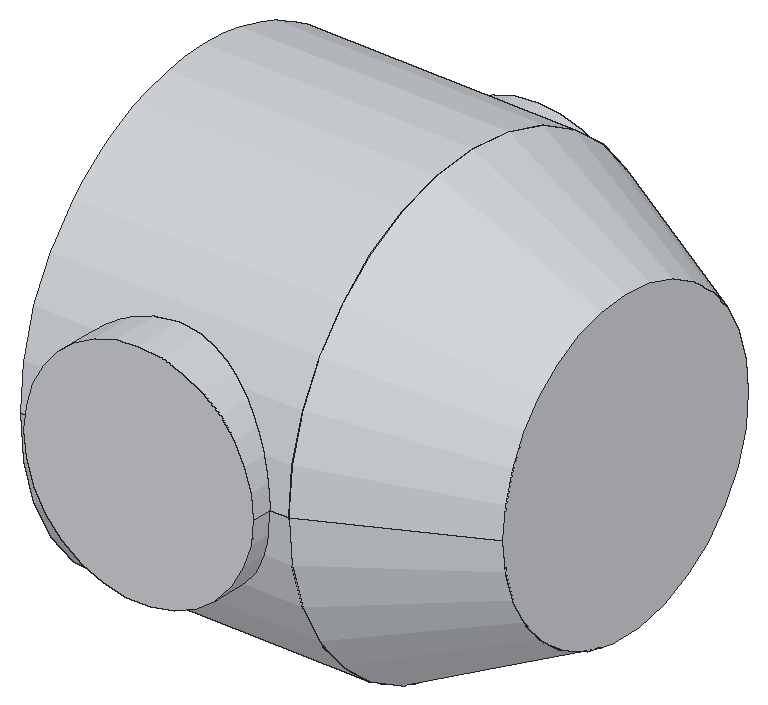
Revit family "M_Round Cross with Transition - Straight", category Duct Fittings, Revit 2014
Parameters (values of type "Standard")
  Shoulder Length [instance] = 25 mm
  Duct Radius 4 [instance] = 150 mm
  Duct Radius 3 [instance] = 150 mm
  Duct Radius 2 [instance] = 200 mm
  Duct Radius 1 [instance] = 300 mm
  Duct Length 4 [instance] = 25 mm
  Duct Length 3 [instance] = 25 mm
  Duct Length 1 [instance] = if(Duct Radius 3 > Duct Radius 4, Duct Radius 3 + Shoulder Length, Duct Radius 4 + Shoulder Length)  # 175 mm
  Duct Diameter 4 [instance] = 2 * Duct Radius 4  # 300 mm
  Duct Diameter 3 [instance] = 2 * Duct Radius 3  # 300 mm
  Duct Diameter 2 [instance] = 2 * Duct Radius 2  # 400 mm
  Duct Diameter 1 [instance] = 2 * Duct Radius 1  # 600 mm
  Duct Length 2 [instance] = if(2 * abs(Duct Radius 1 - Duct Radius 2) > 300 mm, 300 mm, if(2 * abs(Duct Radius 1 - Duct Radius 2) < 25 mm, 25 mm, 2 * abs(Duct Radius 1 - Duct Radius 2)))  # 200 mm
  Assembly Code = ""
Reference planes
  plane 1 "Center (Front/Back)": y = 0
  plane 2: z = 0
  plane 3 "Center (Left/Right)": x = 0
  plane 4: x = -175
  plane 5: x = 175
  plane 6: y = 300
  plane 7: y = -300
  plane 8: x = 375
  plane 9: y = 325
  plane 10: y = -325
Forms (mm)
  Sweep 1, solid, detail levels medium+fine
    path in 3D
      loop
        line (-175, 0, 0) -> (175, 0, 0)
    profile origin (0, 0, 0) x (0, 1, 0) y (0, 0, 1)
      loop
        circle (0, 0) r 300
  Blend 2, solid, detail levels medium+fine
    base sketch origin (175, 1524, 1219.2) x (0, 1, 0) y (0, 0, 1)
      loop
        circle (-1524, -1219.2) r 300
    top sketch origin (175, 1524, 1219.2) x (0, 1, 0) y (0, 0, 1)
      loop
        circle (-1524, -1219.2) r 200
    from 0 to 200
  Extrusion 3, solid, detail levels medium+fine
    sketch origin (175, 1524, 1219.2) x (0, 1, 0) y (0, 0, 1)
      loop
        circle (-1524, -1219.2) r 6.35
    from 0 to 200
  Sweep 4, solid, detail levels medium+fine
    path in 3D
      loop
        line (0, 0, 0) -> (0, 325, 0)
    profile origin (0, 162.5, 0) x (-1, 0, 0) y (0, 0, 1)
      loop
        circle (0, 0) r 150
  Sweep 5, solid, detail levels medium+fine
    path in 3D
      loop
        line (0, 0, 0) -> (0, -325, 0)
    profile origin (0, -162.5, 0) x (1, 0, 0) y (0, 0, 1)
      loop
        circle (0, 0) r 150
Cuts and joins
  joined: Blend 2, Extrusion 3
  joined: Sweep 1, Sweep 4, Sweep 5
Lines and regions (mm)
  model lines, detail levels coarse
    curve 1: line (-175, 0, 0) -> (175, 0, 0)
    curve 2: line (175, 0, 0) -> (375, 0, 0)
    curve 4: line (0, 0, 0) -> (0, 325, 0)
    curve 5: line (0, 0, 0) -> (0, -325, 0)
  sketch lines
    curve 3: line (-175, 0, 0) -> (175, 0, 0)
    curve 6: line (0, 0, 0) -> (0, 325, 0)
    curve 7: line (0, 0, 0) -> (0, -325, 0)
Dimensions and locks
  "Duct Length 1": plane 4 to plane 3 "Center (Left/Right)"
  "Duct Length 1": plane 3 "Center (Left/Right)" to plane 5
  "Duct Length 2": plane 5 to plane 8
  "Duct Radius 1": plane 1 "Center (Front/Back)" to plane 6
  "Duct Radius 1": plane 7 to plane 1 "Center (Front/Back)"
  "Duct Length 4": plane 9 to plane 6
  "Duct Length 3": plane 7 to plane 10
  "Duct Radius 1": radius of Sweep 1 sketch curve
  "Duct Radius 1": radius of Blend 2 sketch curve
  "Duct Radius 2": radius of Blend 2 sketch curve
  "Duct Radius 4": radius of Sweep 4 sketch curve
  "Duct Radius 3": radius of Sweep 5 sketch curve
  aligned and locked: plane 1 "Center (Front/Back)" to curve 1
  aligned and locked: plane 4 to curve 1
  aligned and locked: plane 5 to curve 2
  aligned and locked: plane 8 to curve 2
  aligned and locked: plane 8 to Blend 2
  aligned and locked: Blend 2 to plane 5
  aligned and locked: plane 8 to Extrusion 3
  aligned and locked: Extrusion 3 to plane 5
  aligned and locked: plane 3 "Center (Left/Right)" to curve 4
  aligned and locked: plane 1 "Center (Front/Back)" to curve 4
  aligned and locked: plane 9 to curve 4
  aligned and locked: curve 5 to plane 3 "Center (Left/Right)"
  aligned and locked: plane 10 to curve 5
Automatic sketch dimensions
  Sweep 1 sketch curve to profile plane = 0 mm  (x2)
  Blend 2 sketch curve to level = 0 mm  (x2)
  Blend 2 sketch curve to plane 1 "Center (Front/Back)" = 0 mm  (x2)
  Extrusion 3 sketch curve to level = 0 mm
  Extrusion 3 sketch curve to plane 1 "Center (Front/Back)" = 0 mm
  Sweep 4 sketch curve to profile plane = 0 mm  (x2)
  Sweep 5 sketch curve to profile plane = 0 mm  (x2)
  radius of Extrusion 3 sketch curve = 6.35 mm
Connectors
  hvac at (-175, 0, 0), driven by "Duct Radius 1"
    settings: on Sweep 1, index 1, duct flow 0.0 L/s, flow factor 0, pres drop 0.0 Pa, loss coef 0, conn angle 0.00°, conn width 304.8 mm, conn height 304.8 mm, conn diameter 600 mm, duct sys type 28, conn prof type 0, flow config 0, flow direction 0, loss method 0, conn ref index 2, conn util no, is conn primary yes, conn desc ""
  hvac at (375, 0, 0), driven by "Duct Radius 2"
    settings: on Extrusion 3, index 2, duct flow 0.0 L/s, flow factor 0, pres drop 0.0 Pa, loss coef 0, conn angle 0.00°, conn width 304.8 mm, conn height 304.8 mm, conn diameter 400 mm, duct sys type 28, conn prof type 0, flow config 0, flow direction 0, loss method 0, conn ref index 1, conn util no, is conn primary no, conn desc ""
  hvac at (0, -325, 0), driven by "Duct Radius 3"
    settings: on cut or joined group of Sweep 1, Sweep 4, Sweep 5, index 3, duct flow 0.0 L/s, flow factor 0, pres drop 0.0 Pa, loss coef 0, conn angle 0.00°, conn width 304.8 mm, conn height 304.8 mm, conn diameter 300 mm, duct sys type 28, conn prof type 0, flow config 0, flow direction 0, loss method 0, conn ref index 4, conn util no, is conn primary no, conn desc ""
  hvac at (0, 325, 0), driven by "Duct Radius 4"
    settings: on cut or joined group of Sweep 1, Sweep 4, Sweep 5, index 4, duct flow 0.0 L/s, flow factor 0, pres drop 0.0 Pa, loss coef 0, conn angle 0.00°, conn width 304.8 mm, conn height 304.8 mm, conn diameter 300 mm, duct sys type 28, conn prof type 0, flow config 0, flow direction 0, loss method 0, conn ref index 3, conn util no, is conn primary no, conn desc ""
